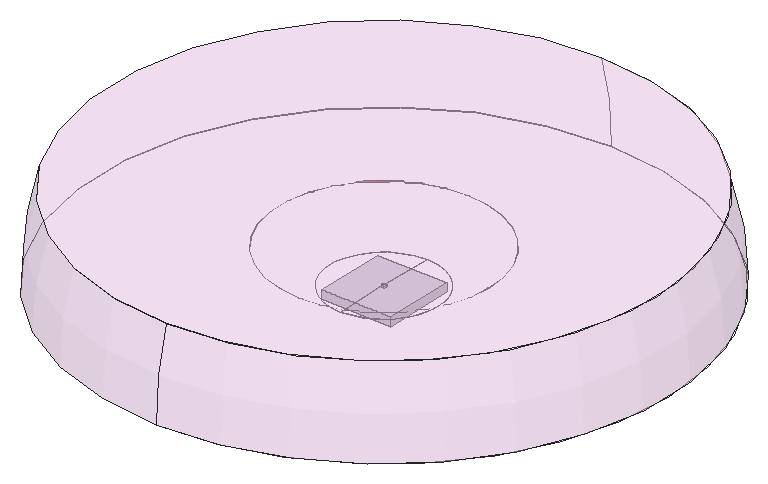
Revit family "_Camera-Security-Panasonic-360-degree-Indoor-Dome-Network-X4173Series", category Security Devices, host Face, Revit 2019
Family settings
  Host = Face
  Maintain Annotation Orientation = No
  Round Connector Dimension = Use Diameter
  Part Type = Normal
  OmniClass Number = 23.85.10.14.11
  OmniClass Title = Cameras
  Cut with Voids When Loaded = No
  Shared = No
  Room Calculation Point = No
Parameters (values of type "WV-X4172")
  z Void Direction [instance] = if((if(On Wall, 1, 0) + if(On Ceiling, 1, 0)) = 1, if(On Ceiling, 0, 1), 0)  # 0
  z Vertical FOV = 183.00°  # constant formula
  z VV Origin Height Offset [instance] = Height  # 1.94882"
  z VV Origin Height [instance] = 0.000"
  z Lenz to PPM Target X [instance] = 0.07874" * Focal Length * 1000 / (PPM Actual * Scanning Area H / Horizontal Resolution) - z Lenz to PPM Target H  # 152.36905"
  z Lenz to PPM Target H [instance] = Distance to Floor - PPM Target Height - z VV Origin Height Offset  # 46.08268"
  z Horizontal FOV = 183.00°  # constant formula
  z Camera Center Y Axis Offset [instance] = 0.000"
  z Camera Bottom Offset [instance] = 0.000"
  z Camera Angle [instance] = 90.00°
  z Base Raduius = 3.22835"
  z Base Height = 0.000"
  Wide Dynamic Range = yes
  Weight [instance] = 0.93 lbf
  Voltage DC = 12 V
  Vandal Resistant = no
  URL = "http://security.panasonic.com/pss/security/"
  Storage Temperature = "-22 °F to 140 °F"  # constant formula
  Show View Volume [instance] = yes
  Scanning Area V = 0.21811"
  Scanning Area H = 0.21811"
  Resolution_9M [instance] = yes
  Resolution_4M [instance] = not(Resolution_9M)  # no
  Regulatory Compliance = "UL (UL60950-1), c-UL (CSA C22.2 No.60950-1), CE, IEC60950-1 FCC (Part15 ClassA), ICES003 ClassA, EN55022 ClassB, EN55024"  # constant formula
  Radius_3 [instance] = Radius_1 * 0.123  # 0.36319"
  Radius_2 [instance] = Radius_1 * 0.2  # 0.59055"
  Radius_1 [instance] = Diameter / 2  # 2.95276"
  Provide Feedback = "https://www.surveymonkey.com/s/95FL6QY"
  Product Page URL = "https://security.panasonic.com/products_technology/products/wv-x4172/"
  Product Material = Paint - Panasonic - Sail White
  Product Documentation Link = "https://bizpartner.panasonic.net/public/ppr/product/11429?accordion_tab=96"
  Power Active = 6.7 W
  Part Number = Model  # "WV-X4172"
  Part Description = Description  # "Security Camera, H.264/H.265 360-degree, Indoor, Dome, 9 Megapixel, Network, X4172"
  PPM Target Height [instance] = 70.07874"
  PPM Desired [instance] = 300
  PPM Actual [instance] = if(PPM Desired > 1, PPM Desired, 1)  # 300
  Original Creation Date = "2018/01/15"
  Operational Temperature = "14°F to 122°F"
  Operational Humidity = "10% to 90% (no condensation)"
  On Wall [instance] = no
  On Ceiling [instance] = yes
  Mounting Positions = "Mount Dependent or Surface Mount"
  Model Disclaimer = "Contact Panasonic for more information"  # constant formula
  Model = "WV-X4172"
  Minimum Illumination = 0.3 lx
  Manufacturer = "Panasonic"  # constant formula
  Indoor Or Outdoor = "Indoor"
  IP Or Analog = "IP"
  Horizontal Resolution [instance] = if(Resolution_9M, 2992, 2192)  # 2992
  Height_Offset5 = 1.44663"
  Height_Offset4 [instance] = 0.39438"
  Height_Offset3 [instance] = (Height - Height_Offset2) * 0.278  # 0.31423"
  Height_Offset2 [instance] = Height * 0.42  # 0.8185"
  Height_Offset1 [instance] = Height * 0.1  # 0.19488"
  Height [instance] = 1.94882"
  Has POE = yes
  Focal Length = 0.05512"
  Family Version = "1.0.0"  # constant formula
  Equipment Number [instance] = ""
  Equipment Abbreviation = "SC"
  Distance to Screen [instance] = 393.70079"
  Distance to PPM Target [instance] = if(z Lenz to PPM Target X < z Lenz to PPM Target H, 0.000", sqrt(z Lenz to PPM Target X ^ 2 - z Lenz to PPM Target H ^ 2))  # 145.23331"
  Distance to Floor [instance] = 118.11024"
  Distance to Ceiling [instance] = 0.000"
  Diameter [instance] = 5.90551"
  Description = "Security Camera, H.264/H.265 360-degree, Indoor, Dome, 9 Megapixel, Network, X4172"
  Default Elevation = 0.000"
  Day Or Night = "N/A"
  Date Last Modified = "2020/10/28"
  Copyright = "Copyright © Panasonic"  # constant formula
  Communication Ports = "10Base-T / 100Base-TX, RJ45 connector"
  z Camera Center X Axis Offset [instance] = 0.000"
  Audio Out = "3.5 mm stereo mini jack"
  Audio In = "3.5 mm stereo mini jack"
  Angle Of View = "183"
  Alarm Input Or Output Specification = "ALARM IN 1 (Auto time adjustment) (x1),ALARM IN 2 (ALARM OUT) (x1), ALARM IN 3 (AUX OUT) (x1)"
Types (4): name | Weight | Voltage DC | Product Page URL | Product Documentation Link | Power Active | Part Number | Part Description | Original Creation Date | Operational Temperature | Model | Description | Date Last Modified | Audio Out | Audio In | Alarm Input Or Output Specification
  WV-X4170 | 0.88 lbf | 48 V | "https://security.panasonic.com/products/wv-s4170" | "http://ssbu-t.psn-web.net/Products/IP_camera/WV-S4170/Specsheet/WV-S4170_A4.pdf" | 7.2 W | "WV-X4170" | "Security Camera, H.264/H.265 360-degree, Indoor, Dome, 9 Megapixel, Network, X4170" | "2018/01/12" | "32°F to 104°F" | "WV-X4170" | "Security Camera, H.264/H.265 360-degree, Indoor, Dome, 9 Megapixel, Network, X4170" | "2018/01/12" | "No" | "No" | "No"
  WV-X4171 | 0.93 lbf | 12 V | "https://security.panasonic.com/products/wv-s4171" | "http://ssbu-t.psn-web.net/Products/IP_camera/WV-S4171/Specsheet/WV-S4171_A4.pdf" | 6.7 W | "WV-X4171" | "Security Camera, H.264/H.265 360-degree, Indoor, Dome, 9 Megapixel, Network, X4171" | "2018/01/15" | "14°F to 122°F" | "WV-X4171" | "Security Camera, H.264/H.265 360-degree, Indoor, Dome, 9 Megapixel, Network, X4171" | "2018/01/15" | "3.5 mm stereo mini jack" | "3.5 mm stereo mini jack" | "ALARM IN 1 (Auto time adjustment) (x1),ALARM IN 2 (ALARM OUT) (x1), ALARM IN 3 (AUX OUT) (x1)"
  WV-X4172 | 0.93 lbf | 12 V | "https://security.panasonic.com/products_technology/products/wv-x4172/" | "https://bizpartner.panasonic.net/public/ppr/product/11429?accordion_tab=96" | 6.7 W | "WV-X4172" | "Security Camera, H.264/H.265 360-degree, Indoor, Dome, 9 Megapixel, Network, X4172" | "2018/01/15" | "14°F to 122°F" | "WV-X4172" | "Security Camera, H.264/H.265 360-degree, Indoor, Dome, 9 Megapixel, Network, X4172" | "2020/10/28" | "3.5 mm stereo mini jack" | "3.5 mm stereo mini jack" | "ALARM IN 1 (Auto time adjustment) (x1),ALARM IN 2 (ALARM OUT) (x1), ALARM IN 3 (AUX OUT) (x1)"
  WV-X4173 | 0.93 lbf | 12 V | "https://security.panasonic.com/products_technology/products/wv-x4173/" | "https://bizpartner.panasonic.net/public/ppr/product/11430?accordion_tab=96" | 6.7 W | "WV-X4173" | "Security Camera, H.264/H.265 360-degree, Indoor, Dome, 9 Megapixel, Network, X4173" | "2018/01/15" | "14°F to 122°F" | "WV-X4173" | "Security Camera, H.264/H.265 360-degree, Indoor, Dome, 9 Megapixel, Network, X4173" | "2020/10/28" | "3.5 mm stereo mini jack" | "3.5 mm stereo mini jack" | "ALARM IN 1 (Auto time adjustment) (x1),ALARM IN 2 (ALARM OUT) (x1), ALARM IN 3 (AUX OUT) (x1)"
Reference planes (in)
  plane 1 "Center (Front/Back)": y = 0
  plane 2: z = 0
  plane 3 "Center (Left/Right)": x = 0
  plane 4: y = 0
Forms (in)
  Extrusion 1, solid
    sketch origin (0, 0, 0) x (1, 0, 0) y (0, 1, 0)
      loop
        line (-48, 48) -> (-48, -48) -> (48, -48) -> (48, 48) -> (-48, 48)
    from 0 to -12
  Revolve 2, solid, material "Paint - Panasonic - Sail White" <- "Product Material"
    sketch origin (0, 0, 0) x (0, 0, 1) y (-1, 0, 0)
      loop
        line (1.75394, 0) -> (0, 0) -> (0, -2.95276) -> (1.13031, -2.95276) -> (1.75394, -0.59055) -> (1.75394, 0)
      axis (1.75394, 0) -> (0, 0)
    angle from 0 to 360
  Revolve 3, solid, material "Glass - Panasonic - Smoked"
    sketch origin (0, 0, 0) x (0, 0, 1) y (-1, 0, 0)
      loop
        line (1.94882, 0) -> (1.75394, 0) -> (1.75394, -0.36319)
        arc (1.75394, -0.36319) -> (1.89808, -0.20666) -> (1.94882, 0) r 0.42715
      axis (1.94882, 0) -> (1.75394, 0)
    angle from 0 to 360
  Revolve 4, solid
    sketch origin (0, 0, 0) x (0, 0, 1) y (-1, 0, 0)
      loop
        line (0, -2.79528) -> (0, -2.95276) -> (0.81609, -2.95276) -> (0.81609, -2.79528) -> (0, -2.79528)
      axis (0.81609, 0) -> (0, 0)
    angle from -30 to 30
  Revolve 5, solid
    sketch origin (0, 0, 0) x (0, 0, 1) y (-1, 0, 0)
      loop
        line (0.81609, -2.79528) -> (0, -2.79528) -> (0, -2.95276) -> (0.81609, -2.95276) -> (0.81609, -2.79528)
      axis (0.81609, 0) -> (0, 0)
    angle from 90 to 150
  Revolve 6, solid
    sketch origin (0, 0, 0) x (0, 0, 1) y (-1, 0, 0)
      loop
        line (0, -2.79528) -> (0, -2.95276) -> (0.81609, -2.95276) -> (0.81609, -2.79528) -> (0, -2.79528)
      axis (0.81609, 0) -> (0, 0)
    angle from 210 to 270
Lines and regions (in)
  symbolic lines, not visible
    curve 1: line (-1.15, -2.6875, 0) -> (1.15, -2.6875, 0)
  reference lines
    curve 2: line (-1.1811, 0, 0) -> (2.04724, 0, 0)
    curve 3: line (0, 0, 0) -> (0, 0, 3.93701)
    curve 4: line (3.22835, 0, 0) -> (0, 0, 0)
    curve 5: line (0, 0, 1.75394) -> (4.20071, 0, 1.75394)
    curve 6: line (0, 0, 1.13031) -> (2.95276, 0, 1.13031)
    curve 7: line (0, 0, 0.81609) -> (2.95276, 0, 0.81609)
    curve 8: line (2.95276, 0, 0) -> (2.95276, 0, 1.13031)
    curve 9: line (0.59055, 0, 1.13031) -> (0.59055, 0, 1.75394)
    curve 10: line (0.36319, 0, 1.75394) -> (0.36319, 0, 1.94882)
    curve 11: line (2.79528, 0, 0) -> (2.79528, 0, 0.81609)
    curve 12: line (0, 0, 1.94882) -> (0.36319, 0, 1.94882)
Dimensions and locks (in)
  plane 1 "Center (Front/Back)" to plane 4 = 0.000"
  "z Camera Center Y Axis Offset": plane 4 to plane 1 "Center (Front/Back)"
  "z Camera Center Y Axis Offset": curve 2 to level
  "z Camera Center X Axis Offset": plane 3 "Center (Left/Right)" to curve 3
  "z Base Height": curve 3 to curve 4
  "Height": curve 12 to curve 4
  "Radius_1": curve 8 to curve 3
  "Height_Offset1": curve 12 to curve 5
  "Radius_2": curve 9 to curve 3
  "Radius_3": curve 10 to curve 3
  "Height_Offset2": curve 12 to curve 6
  "Height_Offset3": curve 6 to curve 7
  locked: curve 8 to curve 11 at 0.15748
  "z Camera Angle": angle curve 3 to curve 2
  aligned and locked: plane 2 to Extrusion 1
  aligned and locked: level to Extrusion 1
  aligned and locked: curve 2 to curve 3
  aligned and locked: Revolve 2 sketch curve to curve 3
  aligned and locked: Revolve 2 sketch curve to curve 5
  aligned and locked: curve 6 to Revolve 2 sketch curve
  aligned and locked: curve 4 to Revolve 2 sketch curve
  aligned and locked: Revolve 2 sketch curve to curve 8
  aligned and locked: Revolve 3 sketch curve to curve 12
  aligned and locked: Revolve 3 sketch curve to curve 5
  aligned and locked: Revolve 3 sketch curve to curve 10
  aligned and locked: Revolve 3 sketch curve to curve 3
  aligned and locked: Revolve 4 sketch curve to curve 3
  aligned and locked: Revolve 4 sketch curve to curve 11
  aligned and locked: Revolve 4 sketch curve to curve 8
  aligned and locked: curve 7 to Revolve 4 sketch curve
  aligned and locked: Revolve 4 sketch curve to curve 4
  aligned and locked: Revolve 5 sketch curve to curve 3
  aligned and locked: curve 7 to Revolve 5 sketch curve
  aligned and locked: Revolve 5 sketch curve to curve 11
  aligned and locked: Revolve 5 sketch curve to curve 8
  aligned and locked: Revolve 5 sketch curve to curve 4
  aligned and locked: Revolve 6 sketch curve to curve 3
  aligned and locked: curve 7 to Revolve 6 sketch curve
  aligned and locked: Revolve 6 sketch curve to curve 11
  aligned and locked: Revolve 6 sketch curve to curve 8
  aligned and locked: Revolve 6 sketch curve to curve 4
  aligned and locked: nested 1 to curve 3  (x2)
Automatic sketch dimensions
  Extrusion 1 sketch curve to Extrusion 1 sketch curve = 96.000"  (x2)
  curve 1 to plane 3 "Center (Left/Right)" = 1.150"
  plane 3 "Center (Left/Right)" to curve 1 = 1.150"
  plane 1 "Center (Front/Back)" to curve 1 = 2.6875"
  Revolve 2 sketch curve to curve 3 = 0.000"
  curve 3 to Revolve 2 sketch curve = 0.59055"
  Revolve 2 sketch curve to Revolve 2 sketch curve = 0.15503"
  Revolve 2 sketch curve to Revolve 2 sketch curve = 0.10168"
  Revolve 3 sketch curve to curve 3 = 0.000"
  curve 3 to Revolve 3 sketch curve = 0.00469"
  Revolve 3 sketch curve to Revolve 3 sketch curve = 0.05579"
  Revolve 3 sketch curve to Revolve 3 sketch curve = 0.02944"
  curve 3 to Revolve 4 sketch curve = 1.29762"
  Revolve 4 sketch curve to Revolve 4 sketch curve = 1.01951"
  curve 3 to Revolve 5 sketch curve = 1.2447"
  Revolve 5 sketch curve to Revolve 5 sketch curve = 1.07846"
  curve 3 to Revolve 6 sketch curve = 1.22468"
  Revolve 6 sketch curve to Revolve 6 sketch curve = 1.14853"
  curve 2 to plane 3 "Center (Left/Right)" = 1.1811"
  plane 3 "Center (Left/Right)" to curve 2 = 2.04724"
  curve 4 to curve 3 = 3.22835"
  curve 5 to curve 3 = 0.000"
  curve 6 to curve 3 = 0.000"
  curve 12 to curve 3 = 0.000"
  curve 7 to curve 3 = 0.000"
  curve 5 to curve 6 = 1.24796"
Nested families (in)
  nested 1: "Camera-Security-Panasonic-ViewVolume360" at (0, 0, 1.94882), HFOV <- "z Horizontal FOV", VFOV <- "z Vertical FOV", Ceiling Distance <- "Distance to Ceiling", Target Horizontal Distance <- "Distance to PPM Target", Object Height <- "PPM Target Height", Screen Depth <- "Distance to Screen", On Wall <- "On Wall", On Ceiling <- "On Ceiling", Base Height Offset <- "z VV Origin Height Offset", visible <- "Show View Volume", Floor Distance <- "Distance to Floor", type "Camera-Security-Panasonic-ViewVolume360"
    with z Yaw Actual 0.00°, z Void Width 826.77165", z Void Thickness 395.64961", z Void Height Start -413.38583", z Void Height End 413.38583", z Void Direction 0, z Void Angle 0.00°, z Viewpoint Origin Horizontal Offset 0.000", z Tilt Actual 0.00°, z Target Visible yes, z Target Horizontal Distance 145.23331", z Target Depth 46.08268", z Screen Depth 393.70079", z Pan Actual 0.00°, z Floor Distance 118.11024", z FOV Half 91.50°, z Ceiling Distance 0.000", z Camera Back Void Depth 397.6378", VFOV 183.00°, Target Horizontal Distance 145.23331", Screen Depth 393.70079", On Wall no, On Default Mount Type 0, On Ceiling yes, Object Height 70.07874", HFOV 183.00°, Floor Distance 118.11024", Ceiling Distance 0.000", Base Height Offset 1.94882", Base Angle Offset 0.00°
Connectors (in)
  electrical at (0, 0, 0), driven by "Voltage DC", driven by "Power Active"
    settings: on Revolve 2, index 1, voltage 12 V, apparent load 6.7 W, apparent load phase1 0.0 W, apparent load phase2 0.0 W, apparent load phase3 0.0 W, power factor 1, load classification "Other", number of poles 1, system type 30, power factor state 1, is connector primary yes, connector utility no, sub classification motor no, connector description "Electrical Connection"
  electrical at (0, 0, 0)
    settings: on Revolve 2, index 2, voltage 0 V, apparent load 0.0 W, apparent load phase1 0.0 W, apparent load phase2 0.0 W, apparent load phase3 0.0 W, power factor 1, load classification "Other", number of poles 1, system type 5, power factor state 1, is connector primary no, connector utility no, sub classification motor no, connector description "Data Connection"
Definition of nested family "Camera-Security-Panasonic-ViewVolume360"
  Parameters
    z Yaw Actual [instance] = 0.00°  # constant formula
    z Void Width [instance] = z Screen Depth * 2 + 39.37008"  # 826.77165"
    z Void Thickness [instance] = z Screen Depth + abs(Base Height Offset)  # 399.6063"
    z Void Height Start [instance] = -z Void Width / 2  # -413.38583"
    z Void Height End [instance] = z Void Width / 2  # 413.38583"
    z Void Direction [instance] = if((if(On Wall, 1, 0) + if(On Ceiling, 1, 0)) = 1, if(On Ceiling, 0, 1), On Default Mount Type)  # 0
    z Tilt Actual [instance] = if(z Void Direction = 0, 0.00°, if(z Void Direction = 1, 90.00°, 0.00°))  # 0.00°
    z Target Visible [instance] = and(Target Horizontal Distance > 0.03937", z Target Depth < z Screen Depth, z Target Depth > 3.93701")  # yes
    z Target Horizontal Distance [instance] = if(Target Horizontal Distance < 3.93701", 3.93701", Target Horizontal Distance)  # 78.74016"
    z Target Depth [instance] = if(if(z Void Direction = 0, z Floor Distance - Object Height - Base Height Offset, z Floor Distance - Object Height) < 3.93701", 3.93701", if(z Void Direction = 0, z Floor Distance - Object Height - Base Height Offset, z Floor Distance - Object Height))  # 42.12598"
    z Pan Actual [instance] = 0.00°  # constant formula
    z Floor Distance [instance] = if(Floor Distance < 3.93701", 3.93701", Floor Distance)  # 118.11024"
    z FOV Half [instance] = HFOV / 2  # 80.00°
    z Const Yaw Base2 Length = 17.32283"  # constant formula
    z Const Tilt Base2 Length = 19.68504"  # constant formula
    z Ceiling Distance [instance] = if(Ceiling Distance < 0.000", 0.000", Ceiling Distance)  # 0.000"
    z Const Void Handle Length = 23.62205"  # constant formula
    z Void Angle [instance] = if(z Void Direction = 0, 0.00° + Base Angle Offset, if(z Void Direction = 1, 90.00° + Base Angle Offset, 180.00° + Base Angle Offset))  # 0.00°
    z Screen Depth [instance] = if(Screen Depth < 7.87402", 7.87402", Screen Depth)  # 393.70079"
    z Camera Back Void Depth [instance] = z Screen Depth + z Screen Depth * 0.01  # 397.6378"
    Target Horizontal Distance [instance] = 78.74016"
    Original Creation Date = "September, 15, 2016"  # constant formula
    On Default Mount Type [instance] = 0
    Object Height [instance] = 70.07874"
    Manufacturer = "Panasonic"  # constant formula
    Family Version = "1.0.0"  # constant formula
    Default Elevation = 48.000"
    Date Last Modified = "September, 15, 2016"  # constant formula
    Copyright = "Copyright © Panasonic"  # constant formula
    Base Height Offset [instance] = 5.90551"
    Base Angle Offset [instance] = 0.00°
    VFOV [instance] = 33.75°
    z Target Thickness = 0.19685"  # constant formula
    Screen Depth [instance] = 393.70079"
    z Const Yaw Handle Length = 9.25197"  # constant formula
    z Const Yaw Base Length = 10.23622"  # constant formula
    z Viewpoint Origin Horizontal Offset [instance] = 0.000"  # constant formula
    z Const Tilt Handle Length = 14.17323"  # constant formula
    z Const Tilt Base Length = 9.84252"  # constant formula
    z Const Pan Handle Length = 19.68504"  # constant formula
    z Const Pan Axis Length = 15.74803"  # constant formula
    On Wall [instance] = no
    On Ceiling [instance] = yes
    HFOV [instance] = 160.00°
    Floor Distance [instance] = 118.11024"
    Ceiling Distance [instance] = 0.000"
  Reference planes (in)
    plane 1 "Center (Front/Back)": y = 0
    plane 2: z = 0
    plane 3 "Center (Left/Right)": x = 0
    plane 4 "VoidOffsetBase": z = -5.90551
  Forms (in)
    Extrusion 1, void
      sketch origin (0, 0, -5.90551) x (0, 0, 1) y (0, -1, 0)
        loop
          line (517.71654, 413.38583) -> (118.11024, 413.38583) -> (118.11024, -413.38583) -> (517.71654, -413.38583) -> (517.71654, 413.38583)
        loop
          line (0, 413.38583) -> (-399.6063, 413.38583) -> (-399.6063, -413.38583) -> (0, -413.38583) -> (0, 413.38583)
      from -413.38583 <- "z Void Height Start" to 413.38583 <- "z Void Height End"
    Revolve 2, solid, visible <- "z Target Visible"
      sketch origin (0, 0, 42.12598) x (0, 0, -1) y (0, 1, 0)
        loop
          circle (0, 78.74016) r 0.19685
        axis (0.19685, 0) -> (-0.19685, 0)
      angle from 0 to 360
    Revolve 3, solid
      sketch origin (0, 0, 0) x (0, 1, 0) y (0, 0, 1)
        loop
          line (0, 0) -> (387.71959, 68.36542)
          arc (387.71959, 68.36542) -> (253.06599, 301.5923) -> (0, 393.70079) r 393.70079
          line (0, 393.70079) -> (0, 0)
        axis (0, 0) -> (0, 393.70079)
      angle from 0 to 360
    Revolve 4, void
      sketch origin (0, 0, 0) x (0, 1, 0) y (0, 0, 1)
        loop
          line (0, 0) -> (0, -397.6378)
          arc (0, -397.6378) -> (304.60822, -255.59665) -> (391.59678, 69.04908) r 397.6378
          line (391.59678, 69.04908) -> (0, 0)
        axis (0, -397.6378) -> (0, 69.04908)
      angle from 0 to 360
  Cuts and joins
    Revolve 4 cuts Revolve 2
    Extrusion 1 cuts Revolve 3
  Lines and regions (in)
    reference lines
      curve 1: line (0, 0, 0) -> (19.68504, 0, 0)
      curve 2: line (0, 0, -15.74803) -> (0, 0, 0)
      curve 3: line (0, 0, 0) -> (0, -9.84252, 0)
      curve 4: line (0, 0, 0) -> (0, 0, 19.68504)
      curve 5: line (0, 0, 14.17323) -> (0, 0, 0)
      curve 6: line (0, 0, 0) -> (0, 10.23622, 0)
      curve 7: line (0, 0, 0) -> (-17.32283, 0, 0)
      curve 8: line (0, 0, 0) -> (-9.25197, 0, 0)
      curve 9: line (0, 0, 42.12598) -> (0, 0, 0)
      curve 10: line (0, 0, -5.90551) -> (0, 0, 17.71654)
      curve 11: line (0, -413.38583, 511.81102) -> (0, 413.38583, 511.81102)
      curve 12: line (0, -413.38583, 112.20472) -> (0, -413.38583, 511.81102)
      curve 13: line (0, 413.38583, 112.20472) -> (0, -413.38583, 112.20472)
      curve 14: line (0, 413.38583, 511.81102) -> (0, 413.38583, 112.20472)
      curve 15: line (0, -413.38583, -5.90551) -> (0, 413.38583, -5.90551)
      curve 16: line (0, -413.38583, -405.51181) -> (0, -413.38583, -5.90551)
      curve 17: line (0, 413.38583, -405.51181) -> (0, -413.38583, -405.51181)
      curve 18: line (0, 413.38583, -5.90551) -> (0, 413.38583, -405.51181)
  Dimensions and locks (in)
    "z Const Pan Handle Length": curve 1 to curve 1
    "z Const Pan Axis Length": curve 2 to curve 2
    "z Const Tilt Base Length": curve 3 to curve 3
    "z Const Pan Axis Length": curve 1 to curve 2
    "z Viewpoint Origin Horizontal Offset": curve 4 to curve 2
    "z Const Tilt Base2 Length": curve 4 to curve 4
    "z Const Tilt Handle Length": curve 5 to curve 5
    "z Const Yaw Base Length": curve 6 to curve 6
    "z Const Yaw Base2 Length": curve 7 to curve 7
    "z Const Yaw Handle Length": curve 8 to curve 8
    "z Target Depth": curve 9 to curve 9
    "z Const Void Handle Length": curve 10 to curve 10
    equal spacing: curve 12, curve 10, curve 14
    "z Void Width": curve 12 to curve 14
    "z Floor Distance": curve 13 to curve 10
    "z Ceiling Distance": curve 15 to curve 10
    "z Void Thickness": curve 17 to curve 15
    "z Void Thickness": curve 11 to curve 13
    "Base Height Offset": level to plane 4 "VoidOffsetBase"
    "z Target Horizontal Distance": curve 10 to Revolve 2 sketch curve
    "z Camera Back Void Depth": Revolve 4 sketch curve to Revolve 4 sketch curve  (x2)
    "z Screen Depth": Revolve 3 sketch curve to Revolve 3 sketch curve  (x2)
    "z Target Thickness": radius of Revolve 2 sketch curve
    "z Screen Depth": radius of Revolve 3 sketch curve
    "z Camera Back Void Depth": radius of Revolve 4 sketch curve
    locked: curve 3 to curve 2 (angle 90.00°)
    locked: curve 3 to curve 4 (angle 90.00°)
    "z Tilt Actual": angle curve 4 to curve 5
    locked: curve 6 to curve 7 (angle 90.00°)
    locked: curve 6 to curve 5 (angle 90.00°)
    locked: curve 9 to curve 5 (angle 0.00°)
    "z Void Angle": angle plane 1 "Center (Front/Back)" to curve 10
    "z Yaw Actual": angle curve 7 to curve 8
    "z Pan Actual": angle plane 1 "Center (Front/Back)" to curve 1
    "z FOV Half": angle Revolve 4 sketch curve to plane 1 "Center (Front/Back)"
    "z FOV Half": angle Revolve 3 sketch curve to plane 1 "Center (Front/Back)"
    aligned and locked: level to plane 2
    aligned and locked: curve 2 to curve 1
    aligned and locked: curve 2 to curve 3
    aligned and locked: curve 3 to curve 2
    aligned and locked: curve 3 to curve 5
    aligned and locked: curve 6 to curve 7
    aligned and locked: curve 6 to curve 8
    aligned and locked: curve 8 to curve 7
    aligned and locked: curve 7 to curve 6
    aligned and locked: plane 1 "Center (Front/Back)" to curve 10
    aligned and locked: curve 16 to curve 12
    aligned and locked: curve 14 to curve 18
    aligned and locked: Extrusion 1 sketch curve to curve 11
    aligned and locked: Extrusion 1 sketch curve to curve 12
    aligned and locked: Extrusion 1 sketch curve to curve 13
    aligned and locked: Extrusion 1 sketch curve to curve 14
    aligned and locked: Extrusion 1 sketch curve to curve 15
    aligned and locked: Extrusion 1 sketch curve to curve 16
    aligned and locked: Extrusion 1 sketch curve to curve 17
    aligned and locked: Extrusion 1 sketch curve to curve 18
    aligned and locked: Extrusion 1 sketch curve to Extrusion 1 sketch curve  (x8)
    aligned and locked: plane 3 "Center (Left/Right)" to curve 1
    aligned and locked: plane 1 "Center (Front/Back)" to curve 1
    aligned and locked: level to curve 2
    aligned and locked: plane 4 "VoidOffsetBase" to curve 10
    aligned and locked: plane 1 "Center (Front/Back)" to Revolve 4 sketch curve
    aligned and locked: level to Revolve 4 sketch curve
    aligned and locked: level to Revolve 3 sketch curve
    aligned and locked: plane 1 "Center (Front/Back)" to Revolve 3 sketch curve
  Automatic sketch dimensions
    curve 9 to curve 8 = 0.000"  (x2)
    curve 6 to curve 5 = 0.000"
    curve 6 to curve 5 = 10.23622"
    Revolve 2 sketch curve to curve 9 = 0.000"  (x3)
    curve 9 to Revolve 2 sketch curve = 0.000"
    Revolve 3 sketch curve to level = 0.000"
    Revolve 3 sketch curve to plane 1 "Center (Front/Back)" = 0.000"
    Revolve 3 sketch curve to Revolve 3 sketch curve = 0.000"
    Revolve 4 sketch curve to level = 0.000"
    Revolve 4 sketch curve to plane 1 "Center (Front/Back)" = 0.000"
    Revolve 4 sketch curve to Revolve 4 sketch curve = 107.05185"
